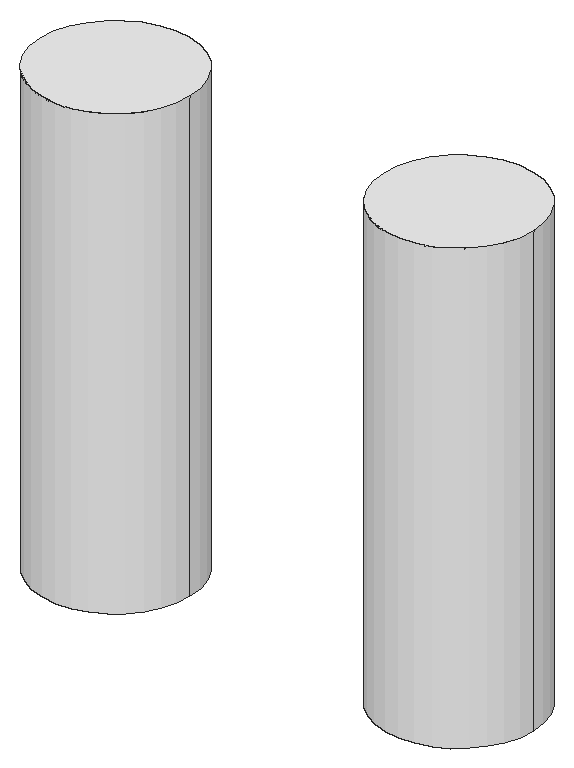
Revit family "93302239(2023)", category Plumbing Fixtures, Revit 2020
Family settings
  Round Connector Dimension = Use Diameter
  Part Type = Normal
  OmniClass Number = 23.45.55.00
  OmniClass Title = Sanitary Faucets, Wastes
  Work Plane-Based = No
  Always vertical = Yes
  Cut with Voids When Loaded = No
  Shared = No
  Room Calculation Point = No
Parameters (values of type "93302239 HANSAELECTRA")
  Working Pressure = "100 - 1000 kPa"
  WarrantyStartDate [instance] = "n/a"
  WarrantyGuarantorParts = "n/a"
  WarrantyGuarantorLabor = "n/a"
  WarrantyDurationUnit = "Year"
  WarrantyDurationParts = "n/a"
  WarrantyDurationLabor = "n/a"
  WarrantyDescription = "http://warranty.hansa.com"
  Warranty Information URL = "http://warranty.hansa.com"
  VersionDate = "20/02/2024"
  Version = "1"
  ValvePattern = "n/a"
  ValveOperation = "n/a"
  ValveMechanism = "n/a"
  Uniclass2015Reference = "Pr_40_20_87_96"
  Uniclass2015Description = "Washbasin manual water supply sets"
  Uniclass2 = "Pr_40_30_96_96"
  URL WEEE = "http://static.hansa.com/WEEE/93302239"
  URL REACH = "http://static.hansa.com/doc/reach"
  URL Materials Declaration = "http://www.hansa.com/fileadmin/resources/189230_93302239_materialsdeclaration.pdf"
  URL Environmental Product Declaration EPD = "http://www.hansa.com/fileadmin/resources/189536_Oras Group EPD_Touchless composite washbasin faucet.pdf"
  URL EcoLabel Declaration = "http://static.hansa.com/doc/EcoLabel"
  URL EU Packaging Declaration = "http://static.hansa.com/doc/packaging"
  URL Declaration of SCIP = "http://static.hansa.com/doc/SCIP"
  URL Declaration of Conformity = "http://static.hansa.com/DoC/93302239"
  URL Declaration of Asbestos = "http://static.hansa.com/doc/asbestos"
  URL Declaration Of Performance (DOP) = "http://static.hansa.com/doc/DoP"
  URL = ""
  UNSPSC Class Number = "30181700 Faucets or taps"
  Type Comments = ""
  TestPressure = "n/a"
  Temperature Adjustments = "Adjustable hot water stop (included, retrofittable);"
  Technical DataSheet URL = "http://www.hansa.com/datasheet/93302239/en"
  TagNumber [instance] = "n/a"
  SustainabilityPerformance = "n/a"
  Surface treatment = "Chrome"
  Spout Type = "Fixed spout"
  Spout Projection = "118 mm"
  Size = "70x165x190 mm"
  Short Marketing = "Electra 93 series is giving you a whole new modern design with its rounded square body and spout giving you new fresh and updated design.\nThe tall design compliments the new trends of modern bathroom of more square design and shallow sinks, where the extra height gives you more comfortable usage.\n\nKey Features\nAerator with Tilt function +/- 10° for more flexible installation\nNewest Sensor technology for better detection and operation comfort\nBluetooth technology for easy adjustment to personalize settings \nAntiscalding protection\nTemperature measurement\nDigital Network Service\nDigital power module"
  Shape = "Sculptured"
  SerialNumber [instance] = "n/a"
  Sales Package dimensions (LxWxH) = "568 x 182 x 78"
  Revision = "n/a"
  ReplacementCost = "n/a"
  Protection Class = "IP 55"
  ProductInformation = "n/a"
  Product URL = "http://static.hansa.com/93302239"
  Product Image URL = "http://static.hansa.com/image/93302239"
  Product Family = "Digital+ Touchless;Self-powered;Bluetooth®;Lead free"
  Product Code = "93302239"
  OperatingMechanismMaterial = "n/a"
  Operating Voltage = 0 V
  Operating Distance = "20-130 mm (110/130/160 mm)"
  NominalWidth = 67.722 mm
  NominalHeight = 190 mm
  NominalDepth = 163.081 mm
  Noise Class = "I (ISO 3822) "
  Name_en = "93302239 HANSAELECTRA"
  Name = "93302239 HANSAELECTRA"
  NBSReference = "45-35-70/371"
  NBSDescription = "Water supply fittings for wash basins and troughs"
  Mounting Holes = "1 hole"
  ModelReference = "93302239"
  ModelNumber = "n/a"
  Model = "93302239 HANSAELECTRA"
  Mobile Product Information URL = "http://mpi.hansa.com/93302239"
  Mechanical Parts = "Mixing valve for manual temperature control;Non-return valve(s);Litter filter(s)"
  Max. Hot Water Supply = 70 °C
  Max Flow Period = "2 min (1 - 1800 s)"
  Material = "Composite"
  Market = "International;Germany;Austria;Switzerland;Belgium;Netherlands;Italy"
  ManufacturerURL = "http://www.hansa.com"
  ManufacturerName = "HANSA"
  Manufacturer = "HANSA"
  Long Marketing = "Bluetooth Touchless faucet with tilt aerator. +/- 10° adjustment option.\nEasy grip temperature lever for good grip and easy adjustment. \nSMART intelligent bluetooth sensor with 3 optical lenses for improved performance supported by app connection for personalized and easy adjustment of sensor settings.\nSupports Digital Network Service for remote monitoring and communication.\nIntelligent temperature measurement and intelligent Antiscalding protection.\nMetal free waterways due to high pressure composite construction and easy installation due to fast and easy 3S installation system.\nDigital power module support Energy harvesting there requires no battery or power installation"
  Lever Handle = "Temperature control handle"
  Keynote = ""
  Interactive AR View URL = "https://static.hansa.com/AR/93302239"
  InstallationDate [instance] = "n/a"
  Installation and Maintenance Guide URL = "http://static.hansa.com/manual/93302239"
  Installation Type = "Deck mounted"
  InletConnectionSize = 10 mm
  IfcExportType = "FAUCET"  # constant formula
  IfcExportAs = "IfcValveType"  # constant formula
  Group = "Sales item"
  Grade = "n/a"
  FlowCoefficient = 0
  Finish = "Polished"
  Features = "Washbasin faucet"
  FaucetMainMaterial = Brass
  FDV Document URL = "http://www.hansa.com/datasheet/93302239/en/fdv"
  ExpectedLife = "n/a"
  Electronic Parts = ";Light indicated function(s)"
  ETIM Class Number = "EC010340 Electronic tap"
  EN Standard = "EN 15091,\nETSI EN 301 489-1 V1.9.2 , \nETSI EN 300 328 v2.2.2 , \nEN 61000-6-1:2007 , \nEN 61000-6-3:2007+A1:2011+AC:2012 , \nEN 60335-1:2012+A11+A13+A1+A14+A2+A15:2021, Part 19.11.4"
  EMC Directive = "Radio Equipment Directive 2014/53/EU , \nLow Voltage Directive 2014/35/EU , \nEMC Directive 2014/30/EU , \nRoHS Directive 2011/65/EU"
  EAN Number = "4057304019586"
  DurationUnit = "Year"
  Dimension Drawing URL = "http://static.hansa.com/dimdrw/93302239"
  Description = ""
  DefaultElevation [instance] = 900 mm
  Default Elevation = 0 mm
  Constituents = "n/a"
  Connection Size = "G3/8"
  Connection = "Flexible inlet pipes"
  Color = "Chrome"
  CodePerformance = "n/a"
  CloseOffRating = 0
  Catalog Drawing URL = "http://static.hansa.com/catdrw/93302239"
  CO2 Emissions (D) = -0.95
  CO2 Emissions (C4) = 1.2
  CO2 Emissions (C3) = 0
  CO2 Emissions (C2) = 0.01
  CO2 Emissions (A4) = 0.2
  CO2 Emissions (A1-A3) = 5.02
  Brand = "HANSA"
  BodyMaterial = "Brass"
  Bluetooth = "5.x (D060576)"
  Battery = "LS17500 A Li-SOCl2 Lithium 3.6V"
  Barcode [instance] = "n/a"
  Backflow Prevention EN1717 = "EB"
  BIMObjectName = "93302239(2023)"
  Automatic Flush Period = "30 s (1-1800 s)"
  Automatic Flush Frequency = "off (off/1-120 h)"
  Author = "BIMStone"
  AssetType = "Fixed"
  AssetIdentifier [instance] = "n/a"
  Afterflow Period = "3 s (1-20 s)"
  Aerator = "PCA® - constant flow rate regardless of pressure variations;Adjustable flow angle"
  Advanced Features = "3S-installation system for safe and simple mounting;Software settings adjustable via App"
  AccessibilityPerformance = "n/a"
  3D View = "https://static.hansa.com/AR/93302239"
  2D/3D/BIM Files URL = "http://static.hansa.com/bim/93302239"
Reference planes
  plane 1 "Center (Front/Back)": y = 0
  plane 2: z = 0
  plane 3 "Center (Left/Right)": x = 0
  plane 4: x = -27.304
  plane 5: z = 900
  plane 6: z = 870
  plane 7: y = -163.081
  plane 8: x = 27.304
  plane 9: z = 1090
  plane 10: x = 40.417
Forms (mm)
  Extrusion 1, solid, material "Brass" <- "FaucetMainMaterial"
    sketch origin (0, -2.393, 0) x (1, 0, 0) y (0, 1, 0)
      loop
        circle (-11.5, -22.5) r 5
      loop
        circle (11.5, -22.5) r 5
    from 870 to 900
Dimensions and locks
  "DefaultElevation": plane 5 to level
  locked: plane 5 to plane 6 at 30
  "NominalDepth": plane 7 to plane 1 "Center (Front/Back)"
  equal spacing: plane 4, plane 3 "Center (Left/Right)", plane 8
  "NominalHeight": plane 9 to plane 5
  locked: plane 8 to plane 10 at 13.113
  "NominalWidth": plane 4 to plane 10
  "InletConnectionSize": diameter of Extrusion 1 sketch curve  (x2)
  aligned and locked: level to plane 2
  aligned and locked: plane 5 to Extrusion 1
  aligned and locked: Extrusion 1 to plane 6
  aligned and locked: plane 1 "Center (Front/Back)" to nested 2
  aligned and locked: plane 3 "Center (Left/Right)" to nested 2
  aligned and locked: plane 3 "Center (Left/Right)" to nested 1
  aligned and locked: plane 1 "Center (Front/Back)" to nested 1
  aligned and locked: plane 5 to nested 2
Automatic sketch dimensions
  Extrusion 1 sketch curve to plane 3 "Center (Left/Right)" = 11.5 mm
  plane 3 "Center (Left/Right)" to Extrusion 1 sketch curve = 11.5 mm
  plane 1 "Center (Front/Back)" to Extrusion 1 sketch curve = 24.893 mm
  Extrusion 1 sketch curve to Extrusion 1 sketch curve = 0 mm
Nested families
  nested 1: "Symbol" at (0, 0, 0), type "Symbol", detail levels coarse
  nested 2: "93302239(2023)_Body" at (0, 0, 900), Material <- "FaucetMainMaterial", type "93302239(2023)_Body"
    with Material Brass
Connectors
  piping at (-11.5, -24.893, 870), diameter 10, driven by "InletConnectionSize"
    settings: on Extrusion 1, index 1, connector inside diameter 609.6 mm, connector length 0 mm, flow factor 0, pipe flow 0.2 L/s, pressure drop 0.0 Pa, fitting loss kfactor 0, connector angle 0.00°, fixture units 0, engagement length 0 mm, angle of deflection 0.00°, flow configuration 1, flow direction 1, fitting loss method 0, system type 19, joint type 0, gender type 0, connector reference index -1, connector utility 0, adjustable connector no, is connector primary yes, connector description ""
  piping at (11.5, -24.893, 870), diameter 10, driven by "InletConnectionSize"
    settings: on Extrusion 1, index 2, connector inside diameter 609.6 mm, connector length 0 mm, flow factor 0, pipe flow 0.2 L/s, pressure drop 0.0 Pa, fitting loss kfactor 0, connector angle 0.00°, fixture units 0, engagement length 0 mm, angle of deflection 0.00°, flow configuration 1, flow direction 1, fitting loss method 0, system type 20, joint type 0, gender type 0, connector reference index -1, connector utility 0, adjustable connector no, is connector primary no, connector description ""
Definition of nested family "Symbol"
  Reference planes
    plane 1: y = 0
    plane 2: x = 0
  Lines and regions (mm)
    detail lines
      curve 1: line (0, 0, 0) -> (0, -1.8, 0)
      curve 2: line (-0.4, -1.1, 0) -> (0.4, -1.1, 0)
      curve 3: line (-0.4, -1.4, 0) -> (0.4, -1.4, 0)
      curve 4: line (0.863, 0, 0) -> (-0.863, 0, 0)
      curve 5: circle (-1.163, 0, 0) r 0.3 normal (0, 0, -1)
      curve 6: circle (1.163, 0, 0) r 0.3 normal (0, 0, 1)
